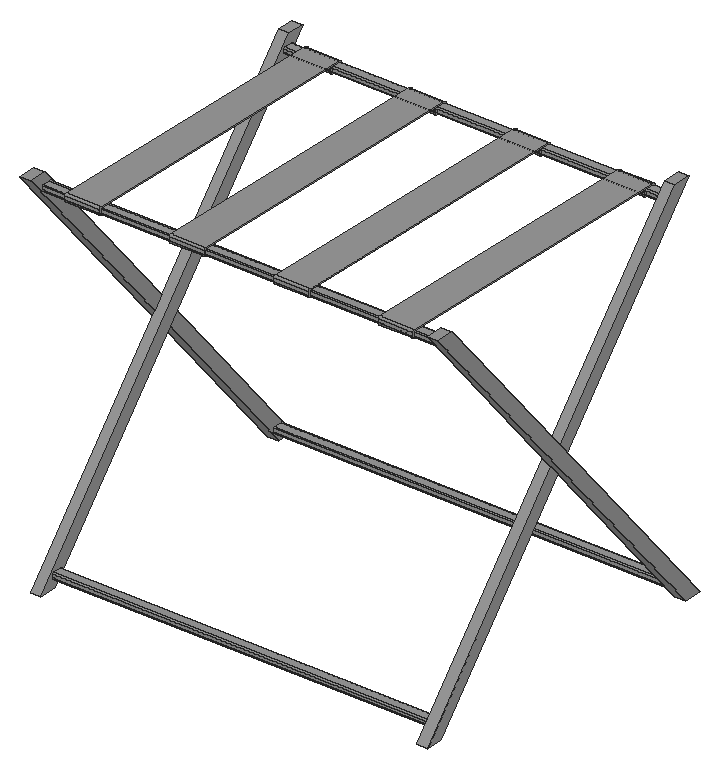
Revit family "DLRK0005", category Generic Models, Revit 2017
Family settings
  Can host rebar = No
  Round Connector Dimension = Use Diameter
  Part Type = Normal
  Work Plane-Based = No
  Always vertical = Yes
  Cut with Voids When Loaded = No
  Shared = No
  Room Calculation Point = No
Parameters
  Website = "https://dolphy.in/"  # constant formula
  Model = ""
  Contact number = "+91 9520202035"  # constant formula
  Contact email = "info@dolphy.in"  # constant formula
  Company name = "Dolphy India"  # constant formula
Reference planes
  plane 1 "Center (Front/Back)": y = 0
  plane 2: z = 0
  plane 3 "Center (Left/Right)": x = 0
Forms (mm)
  Extrusion 1, solid, material "rOD"
    sketch origin (-277.5, 0, 0) x (0, -1, 0) y (0, 0, -1)
      loop
        line (235, 0) -> (210, 0) -> (-235, -530) -> (-210, -530) -> (235, 0)
    from 7.5 to -7.5
  Extrusion 2, solid, material "rOD"
    sketch origin (-292.5, 0, 0) x (0, 1, 0) y (0, 0, 1)
      loop
        line (235, 0) -> (-210, 530) -> (-235, 530) -> (210, 0) -> (235, 0)
    from 7.5 to -7.5
  Extrusion 3, solid, material "rOD"
    sketch origin (277.5, 0, 0) x (0, -1, 0) y (0, 0, 1)
      loop
        line (235, 0) -> (-210, 530) -> (-235, 530) -> (210, 0) -> (235, 0)
    from 7.5 to -7.5
  Extrusion 4, solid, material "rOD"
    sketch origin (292.5, 0, 0) x (0, 1, 0) y (0, 0, -1)
      loop
        line (235, 0) -> (210, 0) -> (-235, -530) -> (-210, -530) -> (235, 0)
    from 7.5 to -7.5
  Extrusion 5, solid, material "rOD"
    sketch origin (0, 0, 0) x (0, 1, 0) y (0, 0, 1)
      loop
        line (213.586, 515.817) -> (201.624, 515.817)
        spline (201.624, 515.817) -> (201.368, 515.807) -> (201.133, 515.776) -> (200.921, 515.724) -> (200.731, 515.651) -> (200.563, 515.558) -> (200.418, 515.443) -> (200.295, 515.308) -> (200.194, 515.152) -> (200.116, 514.976) -> (200.06, 514.778) -> (200.027, 514.56) -> (200.016, 514.321)
        line (200.016, 514.321) -> (200.016, 509.321)
        spline (200.016, 509.321) -> (200.027, 509.081) -> (200.06, 508.862) -> (200.116, 508.663) -> (200.194, 508.486) -> (200.295, 508.329) -> (200.418, 508.193) -> (200.563, 508.078) -> (200.731, 507.984) -> (200.921, 507.911) -> (201.133, 507.859) -> (201.368, 507.828) -> (201.624, 507.817)
        line (201.624, 507.817) -> (213.586, 507.817)
        spline (213.586, 507.817) -> (213.815, 507.828) -> (214.023, 507.859) -> (214.212, 507.911) -> (214.38, 507.984) -> (214.529, 508.078) -> (214.658, 508.193) -> (214.767, 508.329) -> (214.857, 508.486) -> (214.926, 508.663) -> (214.976, 508.862) -> (215.006, 509.081) -> (215.016, 509.321)
        line (215.016, 509.321) -> (215.016, 514.321)
        spline (215.016, 514.321) -> (215.006, 514.56) -> (214.976, 514.778) -> (214.926, 514.976) -> (214.857, 515.152) -> (214.767, 515.308) -> (214.658, 515.443) -> (214.529, 515.558) -> (214.38, 515.651) -> (214.212, 515.724) -> (214.023, 515.776) -> (213.815, 515.807) -> (213.586, 515.817)
    from -270 to 270
  Extrusion 6, solid, material "rOD"
    sketch origin (0, 0, 0) x (0, -1, 0) y (0, 0, -1)
      loop
        spline (213.586, -515.817) -> (213.815, -515.807) -> (214.023, -515.776) -> (214.212, -515.724) -> (214.38, -515.651) -> (214.529, -515.558) -> (214.658, -515.443) -> (214.767, -515.308) -> (214.857, -515.152) -> (214.926, -514.976) -> (214.976, -514.778) -> (215.006, -514.56) -> (215.016, -514.321)
        line (215.016, -514.321) -> (215.016, -509.321)
        spline (215.016, -509.321) -> (215.006, -509.081) -> (214.976, -508.862) -> (214.926, -508.663) -> (214.857, -508.486) -> (214.767, -508.329) -> (214.658, -508.193) -> (214.529, -508.078) -> (214.38, -507.984) -> (214.212, -507.911) -> (214.023, -507.859) -> (213.815, -507.828) -> (213.586, -507.817)
        line (213.586, -507.817) -> (201.624, -507.817)
        spline (201.624, -507.817) -> (201.368, -507.828) -> (201.133, -507.859) -> (200.921, -507.911) -> (200.731, -507.984) -> (200.563, -508.078) -> (200.418, -508.193) -> (200.295, -508.329) -> (200.194, -508.486) -> (200.116, -508.663) -> (200.06, -508.862) -> (200.027, -509.081) -> (200.016, -509.321)
        line (200.016, -509.321) -> (200.016, -514.321)
        spline (200.016, -514.321) -> (200.027, -514.56) -> (200.06, -514.778) -> (200.116, -514.976) -> (200.194, -515.152) -> (200.295, -515.308) -> (200.418, -515.443) -> (200.563, -515.558) -> (200.731, -515.651) -> (200.921, -515.724) -> (201.133, -515.776) -> (201.368, -515.807) -> (201.624, -515.817)
        line (201.624, -515.817) -> (213.586, -515.817)
    from -285 to 285
  Extrusion 7, solid, material "rOD"
    sketch origin (0, 0, 530) x (0, 1, 0) y (0, 0, 1)
      loop
        spline (213.586, -515.817) -> (213.815, -515.807) -> (214.023, -515.776) -> (214.212, -515.724) -> (214.38, -515.651) -> (214.529, -515.558) -> (214.658, -515.443) -> (214.767, -515.308) -> (214.857, -515.152) -> (214.926, -514.976) -> (214.976, -514.778) -> (215.006, -514.56) -> (215.016, -514.321)
        line (215.016, -514.321) -> (215.016, -509.321)
        spline (215.016, -509.321) -> (215.006, -509.081) -> (214.976, -508.862) -> (214.926, -508.663) -> (214.857, -508.486) -> (214.767, -508.329) -> (214.658, -508.193) -> (214.529, -508.078) -> (214.38, -507.984) -> (214.212, -507.911) -> (214.023, -507.859) -> (213.815, -507.828) -> (213.586, -507.817)
        line (213.586, -507.817) -> (201.624, -507.817)
        spline (201.624, -507.817) -> (201.368, -507.828) -> (201.133, -507.859) -> (200.921, -507.911) -> (200.731, -507.984) -> (200.563, -508.078) -> (200.418, -508.193) -> (200.295, -508.329) -> (200.194, -508.486) -> (200.116, -508.663) -> (200.06, -508.862) -> (200.027, -509.081) -> (200.016, -509.321)
        line (200.016, -509.321) -> (200.016, -514.321)
        spline (200.016, -514.321) -> (200.027, -514.56) -> (200.06, -514.778) -> (200.116, -514.976) -> (200.194, -515.152) -> (200.295, -515.308) -> (200.418, -515.443) -> (200.563, -515.558) -> (200.731, -515.651) -> (200.921, -515.724) -> (201.133, -515.776) -> (201.368, -515.807) -> (201.624, -515.817)
        line (201.624, -515.817) -> (213.586, -515.817)
    from -285 to 285
  Extrusion 8, solid, material "rOD"
    sketch origin (0, 0, 530) x (0, -1, 0) y (0, 0, -1)
      loop
        line (213.586, 515.817) -> (201.624, 515.817)
        spline (201.624, 515.817) -> (201.368, 515.807) -> (201.133, 515.776) -> (200.921, 515.724) -> (200.731, 515.651) -> (200.563, 515.558) -> (200.418, 515.443) -> (200.295, 515.308) -> (200.194, 515.152) -> (200.116, 514.976) -> (200.06, 514.778) -> (200.027, 514.56) -> (200.016, 514.321)
        line (200.016, 514.321) -> (200.016, 509.321)
        spline (200.016, 509.321) -> (200.027, 509.081) -> (200.06, 508.862) -> (200.116, 508.663) -> (200.194, 508.486) -> (200.295, 508.329) -> (200.418, 508.193) -> (200.563, 508.078) -> (200.731, 507.984) -> (200.921, 507.911) -> (201.133, 507.859) -> (201.368, 507.828) -> (201.624, 507.817)
        line (201.624, 507.817) -> (213.586, 507.817)
        spline (213.586, 507.817) -> (213.815, 507.828) -> (214.023, 507.859) -> (214.212, 507.911) -> (214.38, 507.984) -> (214.529, 508.078) -> (214.658, 508.193) -> (214.767, 508.329) -> (214.857, 508.486) -> (214.926, 508.663) -> (214.976, 508.862) -> (215.006, 509.081) -> (215.016, 509.321)
        line (215.016, 509.321) -> (215.016, 514.321)
        spline (215.016, 514.321) -> (215.006, 514.56) -> (214.976, 514.778) -> (214.926, 514.976) -> (214.857, 515.152) -> (214.767, 515.308) -> (214.658, 515.443) -> (214.529, 515.558) -> (214.38, 515.651) -> (214.212, 515.724) -> (214.023, 515.776) -> (213.815, 515.807) -> (213.586, 515.817)
    from -270 to 270
  Extrusion 9, solid, material "Strap"
    sketch origin (0, 0, 0) x (0, 1, 0) y (0, 0, 1)
      loop
        spline (201.624, 507.817) -> (201.368, 507.828) -> (201.133, 507.859) -> (200.921, 507.911) -> (200.731, 507.984) -> (200.563, 508.078) -> (200.418, 508.193) -> (200.295, 508.329) -> (200.194, 508.486) -> (200.116, 508.663) -> (200.06, 508.862) -> (200.027, 509.081) -> (200.016, 509.321)
        line (200.016, 509.321) -> (200.016, 512.646) -> (198.516, 512.646) -> (198.516, 509.321)
        spline (198.516, 509.321) -> (198.534, 508.936) -> (198.593, 508.548) -> (198.703, 508.159) -> (198.872, 507.778) -> (199.103, 507.418) -> (199.394, 507.097) -> (199.73, 506.831) -> (200.095, 506.626) -> (200.474, 506.479) -> (200.857, 506.385) -> (201.241, 506.333) -> (201.624, 506.317)
        line (201.624, 506.317) -> (213.586, 506.317)
        spline (213.586, 506.317) -> (213.958, 506.335) -> (214.332, 506.391) -> (214.708, 506.496) -> (215.079, 506.657) -> (215.43, 506.88) -> (215.746, 507.16) -> (216.008, 507.487) -> (216.212, 507.842) -> (216.356, 508.21) -> (216.45, 508.582) -> (216.5, 508.952) -> (216.516, 509.321)
        line (216.516, 509.321) -> (216.516, 514.321)
        spline (216.516, 514.321) -> (216.5, 514.69) -> (216.449, 515.06) -> (216.356, 515.431) -> (216.21, 515.799) -> (216.006, 516.154) -> (215.743, 516.479) -> (215.428, 516.759) -> (215.076, 516.98) -> (214.706, 517.14) -> (214.331, 517.244) -> (213.957, 517.3) -> (213.586, 517.317)
        line (213.586, 517.317) -> (-213.586, 517.317)
        spline (-213.586, 517.317) -> (-213.957, 517.3) -> (-214.331, 517.244) -> (-214.706, 517.14) -> (-215.076, 516.98) -> (-215.428, 516.759) -> (-215.743, 516.479) -> (-216.006, 516.154) -> (-216.21, 515.799) -> (-216.356, 515.431) -> (-216.449, 515.06) -> (-216.5, 514.69) -> (-216.516, 514.321)
        line (-216.516, 514.321) -> (-216.516, 509.321)
        spline (-216.516, 509.321) -> (-216.5, 508.952) -> (-216.45, 508.582) -> (-216.356, 508.21) -> (-216.212, 507.842) -> (-216.008, 507.487) -> (-215.746, 507.16) -> (-215.43, 506.88) -> (-215.079, 506.657) -> (-214.708, 506.496) -> (-214.332, 506.391) -> (-213.958, 506.335) -> (-213.586, 506.317)
        line (-213.586, 506.317) -> (-201.624, 506.317)
        spline (-201.624, 506.317) -> (-201.241, 506.333) -> (-200.857, 506.385) -> (-200.474, 506.479) -> (-200.095, 506.626) -> (-199.73, 506.831) -> (-199.394, 507.097) -> (-199.103, 507.418) -> (-198.872, 507.778) -> (-198.703, 508.159) -> (-198.593, 508.548) -> (-198.534, 508.936) -> (-198.516, 509.321)
        line (-198.516, 509.321) -> (-198.516, 512.514) -> (-200.016, 512.514) -> (-200.016, 509.321)
        spline (-200.016, 509.321) -> (-200.027, 509.081) -> (-200.06, 508.862) -> (-200.116, 508.663) -> (-200.194, 508.486) -> (-200.295, 508.329) -> (-200.418, 508.193) -> (-200.563, 508.078) -> (-200.731, 507.984) -> (-200.921, 507.911) -> (-201.133, 507.859) -> (-201.368, 507.828) -> (-201.624, 507.817)
        line (-201.624, 507.817) -> (-213.586, 507.817)
        spline (-213.586, 507.817) -> (-213.815, 507.828) -> (-214.023, 507.859) -> (-214.212, 507.911) -> (-214.38, 507.984) -> (-214.529, 508.078) -> (-214.658, 508.193) -> (-214.767, 508.329) -> (-214.857, 508.486) -> (-214.926, 508.663) -> (-214.976, 508.862) -> (-215.006, 509.081) -> (-215.016, 509.321)
        line (-215.016, 509.321) -> (-215.016, 514.321)
        spline (-215.016, 514.321) -> (-215.006, 514.56) -> (-214.976, 514.778) -> (-214.926, 514.976) -> (-214.857, 515.152) -> (-214.767, 515.308) -> (-214.658, 515.443) -> (-214.529, 515.558) -> (-214.38, 515.651) -> (-214.212, 515.724) -> (-214.023, 515.776) -> (-213.815, 515.807) -> (-213.586, 515.817)
        line (-213.586, 515.817) -> (213.586, 515.817)
        spline (213.586, 515.817) -> (213.815, 515.807) -> (214.023, 515.776) -> (214.212, 515.724) -> (214.38, 515.651) -> (214.529, 515.558) -> (214.658, 515.443) -> (214.767, 515.308) -> (214.857, 515.152) -> (214.926, 514.976) -> (214.976, 514.778) -> (215.006, 514.56) -> (215.016, 514.321)
        line (215.016, 514.321) -> (215.016, 509.321)
        spline (215.016, 509.321) -> (215.006, 509.081) -> (214.976, 508.862) -> (214.926, 508.663) -> (214.857, 508.486) -> (214.767, 508.329) -> (214.658, 508.193) -> (214.529, 508.078) -> (214.38, 507.984) -> (214.212, 507.911) -> (214.023, 507.859) -> (213.815, 507.828) -> (213.586, 507.817)
        line (213.586, 507.817) -> (201.624, 507.817)
    from 200 to 250
  Extrusion 10, solid, material "Strap"
    sketch origin (0, 0, 0) x (0, 1, 0) y (0, 0, -1)
      loop
        line (201.624, -507.817) -> (213.586, -507.817)
        spline (213.586, -507.817) -> (213.815, -507.828) -> (214.023, -507.859) -> (214.212, -507.911) -> (214.38, -507.984) -> (214.529, -508.078) -> (214.658, -508.193) -> (214.767, -508.329) -> (214.857, -508.486) -> (214.926, -508.663) -> (214.976, -508.862) -> (215.006, -509.081) -> (215.016, -509.321)
        line (215.016, -509.321) -> (215.016, -514.321)
        spline (215.016, -514.321) -> (215.006, -514.56) -> (214.976, -514.778) -> (214.926, -514.976) -> (214.857, -515.152) -> (214.767, -515.308) -> (214.658, -515.443) -> (214.529, -515.558) -> (214.38, -515.651) -> (214.212, -515.724) -> (214.023, -515.776) -> (213.815, -515.807) -> (213.586, -515.817)
        line (213.586, -515.817) -> (-213.586, -515.817)
        spline (-213.586, -515.817) -> (-213.815, -515.807) -> (-214.023, -515.776) -> (-214.212, -515.724) -> (-214.38, -515.651) -> (-214.529, -515.558) -> (-214.658, -515.443) -> (-214.767, -515.308) -> (-214.857, -515.152) -> (-214.926, -514.976) -> (-214.976, -514.778) -> (-215.006, -514.56) -> (-215.016, -514.321)
        line (-215.016, -514.321) -> (-215.016, -509.321)
        spline (-215.016, -509.321) -> (-215.006, -509.081) -> (-214.976, -508.862) -> (-214.926, -508.663) -> (-214.857, -508.486) -> (-214.767, -508.329) -> (-214.658, -508.193) -> (-214.529, -508.078) -> (-214.38, -507.984) -> (-214.212, -507.911) -> (-214.023, -507.859) -> (-213.815, -507.828) -> (-213.586, -507.817)
        line (-213.586, -507.817) -> (-201.624, -507.817)
        spline (-201.624, -507.817) -> (-201.368, -507.828) -> (-201.133, -507.859) -> (-200.921, -507.911) -> (-200.731, -507.984) -> (-200.563, -508.078) -> (-200.418, -508.193) -> (-200.295, -508.329) -> (-200.194, -508.486) -> (-200.116, -508.663) -> (-200.06, -508.862) -> (-200.027, -509.081) -> (-200.016, -509.321)
        line (-200.016, -509.321) -> (-200.016, -512.514) -> (-198.516, -512.514) -> (-198.516, -509.321)
        spline (-198.516, -509.321) -> (-198.534, -508.936) -> (-198.593, -508.548) -> (-198.703, -508.159) -> (-198.872, -507.778) -> (-199.103, -507.418) -> (-199.394, -507.097) -> (-199.73, -506.831) -> (-200.095, -506.626) -> (-200.474, -506.479) -> (-200.857, -506.385) -> (-201.241, -506.333) -> (-201.624, -506.317)
        line (-201.624, -506.317) -> (-213.586, -506.317)
        spline (-213.586, -506.317) -> (-213.958, -506.335) -> (-214.332, -506.391) -> (-214.708, -506.496) -> (-215.079, -506.657) -> (-215.43, -506.88) -> (-215.746, -507.16) -> (-216.008, -507.487) -> (-216.212, -507.842) -> (-216.356, -508.21) -> (-216.45, -508.582) -> (-216.5, -508.952) -> (-216.516, -509.321)
        line (-216.516, -509.321) -> (-216.516, -514.321)
        spline (-216.516, -514.321) -> (-216.5, -514.69) -> (-216.449, -515.06) -> (-216.356, -515.431) -> (-216.21, -515.799) -> (-216.006, -516.154) -> (-215.743, -516.479) -> (-215.428, -516.759) -> (-215.076, -516.98) -> (-214.706, -517.14) -> (-214.331, -517.244) -> (-213.957, -517.3) -> (-213.586, -517.317)
        line (-213.586, -517.317) -> (213.586, -517.317)
        spline (213.586, -517.317) -> (213.957, -517.3) -> (214.331, -517.244) -> (214.706, -517.14) -> (215.076, -516.98) -> (215.428, -516.759) -> (215.743, -516.479) -> (216.006, -516.154) -> (216.21, -515.799) -> (216.356, -515.431) -> (216.449, -515.06) -> (216.5, -514.69) -> (216.516, -514.321)
        line (216.516, -514.321) -> (216.516, -509.321)
        spline (216.516, -509.321) -> (216.5, -508.952) -> (216.45, -508.582) -> (216.356, -508.21) -> (216.212, -507.842) -> (216.008, -507.487) -> (215.746, -507.16) -> (215.43, -506.88) -> (215.079, -506.657) -> (214.708, -506.496) -> (214.332, -506.391) -> (213.958, -506.335) -> (213.586, -506.317)
        line (213.586, -506.317) -> (201.624, -506.317)
        spline (201.624, -506.317) -> (201.241, -506.333) -> (200.857, -506.385) -> (200.474, -506.479) -> (200.095, -506.626) -> (199.73, -506.831) -> (199.394, -507.097) -> (199.103, -507.418) -> (198.872, -507.778) -> (198.703, -508.159) -> (198.593, -508.548) -> (198.534, -508.936) -> (198.516, -509.321)
        line (198.516, -509.321) -> (198.516, -512.646) -> (200.016, -512.646) -> (200.016, -509.321)
        spline (200.016, -509.321) -> (200.027, -509.081) -> (200.06, -508.862) -> (200.116, -508.663) -> (200.194, -508.486) -> (200.295, -508.329) -> (200.418, -508.193) -> (200.563, -508.078) -> (200.731, -507.984) -> (200.921, -507.911) -> (201.133, -507.859) -> (201.368, -507.828) -> (201.624, -507.817)
    from 200 to 250
  Extrusion 11, solid, material "Strap"
    sketch origin (-150, 0, 0) x (0, 1, 0) y (0, 0, 1)
      loop
        spline (201.624, 507.817) -> (201.368, 507.828) -> (201.133, 507.859) -> (200.921, 507.911) -> (200.731, 507.984) -> (200.563, 508.078) -> (200.418, 508.193) -> (200.295, 508.329) -> (200.194, 508.486) -> (200.116, 508.663) -> (200.06, 508.862) -> (200.027, 509.081) -> (200.016, 509.321)
        line (200.016, 509.321) -> (200.016, 512.646) -> (198.516, 512.646) -> (198.516, 509.321)
        spline (198.516, 509.321) -> (198.534, 508.936) -> (198.593, 508.548) -> (198.703, 508.159) -> (198.872, 507.778) -> (199.103, 507.418) -> (199.394, 507.097) -> (199.73, 506.831) -> (200.095, 506.626) -> (200.474, 506.479) -> (200.857, 506.385) -> (201.241, 506.333) -> (201.624, 506.317)
        line (201.624, 506.317) -> (213.586, 506.317)
        spline (213.586, 506.317) -> (213.958, 506.335) -> (214.332, 506.391) -> (214.708, 506.496) -> (215.079, 506.657) -> (215.43, 506.88) -> (215.746, 507.16) -> (216.008, 507.487) -> (216.212, 507.842) -> (216.356, 508.21) -> (216.45, 508.582) -> (216.5, 508.952) -> (216.516, 509.321)
        line (216.516, 509.321) -> (216.516, 514.321)
        spline (216.516, 514.321) -> (216.5, 514.69) -> (216.449, 515.06) -> (216.356, 515.431) -> (216.21, 515.799) -> (216.006, 516.154) -> (215.743, 516.479) -> (215.428, 516.759) -> (215.076, 516.98) -> (214.706, 517.14) -> (214.331, 517.244) -> (213.957, 517.3) -> (213.586, 517.317)
        line (213.586, 517.317) -> (-213.586, 517.317)
        spline (-213.586, 517.317) -> (-213.957, 517.3) -> (-214.331, 517.244) -> (-214.706, 517.14) -> (-215.076, 516.98) -> (-215.428, 516.759) -> (-215.743, 516.479) -> (-216.006, 516.154) -> (-216.21, 515.799) -> (-216.356, 515.431) -> (-216.449, 515.06) -> (-216.5, 514.69) -> (-216.516, 514.321)
        line (-216.516, 514.321) -> (-216.516, 509.321)
        spline (-216.516, 509.321) -> (-216.5, 508.952) -> (-216.45, 508.582) -> (-216.356, 508.21) -> (-216.212, 507.842) -> (-216.008, 507.487) -> (-215.746, 507.16) -> (-215.43, 506.88) -> (-215.079, 506.657) -> (-214.708, 506.496) -> (-214.332, 506.391) -> (-213.958, 506.335) -> (-213.586, 506.317)
        line (-213.586, 506.317) -> (-201.624, 506.317)
        spline (-201.624, 506.317) -> (-201.241, 506.333) -> (-200.857, 506.385) -> (-200.474, 506.479) -> (-200.095, 506.626) -> (-199.73, 506.831) -> (-199.394, 507.097) -> (-199.103, 507.418) -> (-198.872, 507.778) -> (-198.703, 508.159) -> (-198.593, 508.548) -> (-198.534, 508.936) -> (-198.516, 509.321)
        line (-198.516, 509.321) -> (-198.516, 512.514) -> (-200.016, 512.514) -> (-200.016, 509.321)
        spline (-200.016, 509.321) -> (-200.027, 509.081) -> (-200.06, 508.862) -> (-200.116, 508.663) -> (-200.194, 508.486) -> (-200.295, 508.329) -> (-200.418, 508.193) -> (-200.563, 508.078) -> (-200.731, 507.984) -> (-200.921, 507.911) -> (-201.133, 507.859) -> (-201.368, 507.828) -> (-201.624, 507.817)
        line (-201.624, 507.817) -> (-213.586, 507.817)
        spline (-213.586, 507.817) -> (-213.815, 507.828) -> (-214.023, 507.859) -> (-214.212, 507.911) -> (-214.38, 507.984) -> (-214.529, 508.078) -> (-214.658, 508.193) -> (-214.767, 508.329) -> (-214.857, 508.486) -> (-214.926, 508.663) -> (-214.976, 508.862) -> (-215.006, 509.081) -> (-215.016, 509.321)
        line (-215.016, 509.321) -> (-215.016, 514.321)
        spline (-215.016, 514.321) -> (-215.006, 514.56) -> (-214.976, 514.778) -> (-214.926, 514.976) -> (-214.857, 515.152) -> (-214.767, 515.308) -> (-214.658, 515.443) -> (-214.529, 515.558) -> (-214.38, 515.651) -> (-214.212, 515.724) -> (-214.023, 515.776) -> (-213.815, 515.807) -> (-213.586, 515.817)
        line (-213.586, 515.817) -> (213.586, 515.817)
        spline (213.586, 515.817) -> (213.815, 515.807) -> (214.023, 515.776) -> (214.212, 515.724) -> (214.38, 515.651) -> (214.529, 515.558) -> (214.658, 515.443) -> (214.767, 515.308) -> (214.857, 515.152) -> (214.926, 514.976) -> (214.976, 514.778) -> (215.006, 514.56) -> (215.016, 514.321)
        line (215.016, 514.321) -> (215.016, 509.321)
        spline (215.016, 509.321) -> (215.006, 509.081) -> (214.976, 508.862) -> (214.926, 508.663) -> (214.857, 508.486) -> (214.767, 508.329) -> (214.658, 508.193) -> (214.529, 508.078) -> (214.38, 507.984) -> (214.212, 507.911) -> (214.023, 507.859) -> (213.815, 507.828) -> (213.586, 507.817)
        line (213.586, 507.817) -> (201.624, 507.817)
    from 200 to 250
  Extrusion 12, solid, material "Strap"
    sketch origin (150, 0, 0) x (0, 1, 0) y (0, 0, -1)
      loop
        line (201.624, -507.817) -> (213.586, -507.817)
        spline (213.586, -507.817) -> (213.815, -507.828) -> (214.023, -507.859) -> (214.212, -507.911) -> (214.38, -507.984) -> (214.529, -508.078) -> (214.658, -508.193) -> (214.767, -508.329) -> (214.857, -508.486) -> (214.926, -508.663) -> (214.976, -508.862) -> (215.006, -509.081) -> (215.016, -509.321)
        line (215.016, -509.321) -> (215.016, -514.321)
        spline (215.016, -514.321) -> (215.006, -514.56) -> (214.976, -514.778) -> (214.926, -514.976) -> (214.857, -515.152) -> (214.767, -515.308) -> (214.658, -515.443) -> (214.529, -515.558) -> (214.38, -515.651) -> (214.212, -515.724) -> (214.023, -515.776) -> (213.815, -515.807) -> (213.586, -515.817)
        line (213.586, -515.817) -> (-213.586, -515.817)
        spline (-213.586, -515.817) -> (-213.815, -515.807) -> (-214.023, -515.776) -> (-214.212, -515.724) -> (-214.38, -515.651) -> (-214.529, -515.558) -> (-214.658, -515.443) -> (-214.767, -515.308) -> (-214.857, -515.152) -> (-214.926, -514.976) -> (-214.976, -514.778) -> (-215.006, -514.56) -> (-215.016, -514.321)
        line (-215.016, -514.321) -> (-215.016, -509.321)
        spline (-215.016, -509.321) -> (-215.006, -509.081) -> (-214.976, -508.862) -> (-214.926, -508.663) -> (-214.857, -508.486) -> (-214.767, -508.329) -> (-214.658, -508.193) -> (-214.529, -508.078) -> (-214.38, -507.984) -> (-214.212, -507.911) -> (-214.023, -507.859) -> (-213.815, -507.828) -> (-213.586, -507.817)
        line (-213.586, -507.817) -> (-201.624, -507.817)
        spline (-201.624, -507.817) -> (-201.368, -507.828) -> (-201.133, -507.859) -> (-200.921, -507.911) -> (-200.731, -507.984) -> (-200.563, -508.078) -> (-200.418, -508.193) -> (-200.295, -508.329) -> (-200.194, -508.486) -> (-200.116, -508.663) -> (-200.06, -508.862) -> (-200.027, -509.081) -> (-200.016, -509.321)
        line (-200.016, -509.321) -> (-200.016, -512.514) -> (-198.516, -512.514) -> (-198.516, -509.321)
        spline (-198.516, -509.321) -> (-198.534, -508.936) -> (-198.593, -508.548) -> (-198.703, -508.159) -> (-198.872, -507.778) -> (-199.103, -507.418) -> (-199.394, -507.097) -> (-199.73, -506.831) -> (-200.095, -506.626) -> (-200.474, -506.479) -> (-200.857, -506.385) -> (-201.241, -506.333) -> (-201.624, -506.317)
        line (-201.624, -506.317) -> (-213.586, -506.317)
        spline (-213.586, -506.317) -> (-213.958, -506.335) -> (-214.332, -506.391) -> (-214.708, -506.496) -> (-215.079, -506.657) -> (-215.43, -506.88) -> (-215.746, -507.16) -> (-216.008, -507.487) -> (-216.212, -507.842) -> (-216.356, -508.21) -> (-216.45, -508.582) -> (-216.5, -508.952) -> (-216.516, -509.321)
        line (-216.516, -509.321) -> (-216.516, -514.321)
        spline (-216.516, -514.321) -> (-216.5, -514.69) -> (-216.449, -515.06) -> (-216.356, -515.431) -> (-216.21, -515.799) -> (-216.006, -516.154) -> (-215.743, -516.479) -> (-215.428, -516.759) -> (-215.076, -516.98) -> (-214.706, -517.14) -> (-214.331, -517.244) -> (-213.957, -517.3) -> (-213.586, -517.317)
        line (-213.586, -517.317) -> (213.586, -517.317)
        spline (213.586, -517.317) -> (213.957, -517.3) -> (214.331, -517.244) -> (214.706, -517.14) -> (215.076, -516.98) -> (215.428, -516.759) -> (215.743, -516.479) -> (216.006, -516.154) -> (216.21, -515.799) -> (216.356, -515.431) -> (216.449, -515.06) -> (216.5, -514.69) -> (216.516, -514.321)
        line (216.516, -514.321) -> (216.516, -509.321)
        spline (216.516, -509.321) -> (216.5, -508.952) -> (216.45, -508.582) -> (216.356, -508.21) -> (216.212, -507.842) -> (216.008, -507.487) -> (215.746, -507.16) -> (215.43, -506.88) -> (215.079, -506.657) -> (214.708, -506.496) -> (214.332, -506.391) -> (213.958, -506.335) -> (213.586, -506.317)
        line (213.586, -506.317) -> (201.624, -506.317)
        spline (201.624, -506.317) -> (201.241, -506.333) -> (200.857, -506.385) -> (200.474, -506.479) -> (200.095, -506.626) -> (199.73, -506.831) -> (199.394, -507.097) -> (199.103, -507.418) -> (198.872, -507.778) -> (198.703, -508.159) -> (198.593, -508.548) -> (198.534, -508.936) -> (198.516, -509.321)
        line (198.516, -509.321) -> (198.516, -512.646) -> (200.016, -512.646) -> (200.016, -509.321)
        spline (200.016, -509.321) -> (200.027, -509.081) -> (200.06, -508.862) -> (200.116, -508.663) -> (200.194, -508.486) -> (200.295, -508.329) -> (200.418, -508.193) -> (200.563, -508.078) -> (200.731, -507.984) -> (200.921, -507.911) -> (201.133, -507.859) -> (201.368, -507.828) -> (201.624, -507.817)
    from 200 to 250
Cuts and joins
  joined: Extrusion 1, Extrusion 2, Extrusion 3, Extrusion 4, Extrusion 5, Extrusion 6, Extrusion 7, Extrusion 8
  joined: Extrusion 9, Extrusion 10, Extrusion 11, Extrusion 12
Dimensions and locks
  aligned and locked: level to plane 2
Automatic sketch dimensions
  Extrusion 1 sketch curve to level = 0 mm
  Extrusion 1 sketch curve to plane 1 "Center (Front/Back)" = 235 mm
  Extrusion 1 sketch curve to Extrusion 1 sketch curve = 25 mm  (x2)
  plane 1 "Center (Front/Back)" to Extrusion 1 sketch curve = 210 mm
  level to Extrusion 1 sketch curve = 530 mm
  Extrusion 2 sketch curve to level = 0 mm
  plane 1 "Center (Front/Back)" to Extrusion 2 sketch curve = 235 mm
  Extrusion 2 sketch curve to Extrusion 2 sketch curve = 25 mm  (x2)
  Extrusion 2 sketch curve to plane 1 "Center (Front/Back)" = 210 mm
  level to Extrusion 2 sketch curve = 530 mm
  Extrusion 3 sketch curve to level = 0 mm
  Extrusion 3 sketch curve to plane 1 "Center (Front/Back)" = 235 mm
  Extrusion 3 sketch curve to Extrusion 3 sketch curve = 25 mm  (x2)
  plane 1 "Center (Front/Back)" to Extrusion 3 sketch curve = 210 mm
  level to Extrusion 3 sketch curve = 530 mm
  Extrusion 4 sketch curve to level = 0 mm
  plane 1 "Center (Front/Back)" to Extrusion 4 sketch curve = 235 mm
  Extrusion 4 sketch curve to Extrusion 4 sketch curve = 25 mm  (x2)
  Extrusion 4 sketch curve to plane 1 "Center (Front/Back)" = 210 mm
  level to Extrusion 4 sketch curve = 530 mm
  Extrusion 5 sketch curve to plane 1 "Center (Front/Back)" = 200.016 mm
  Extrusion 5 sketch curve to Extrusion 5 sketch curve = 1.609 mm  (x2)
  Extrusion 5 sketch curve to Extrusion 5 sketch curve = 11.962 mm
  Extrusion 5 sketch curve to Extrusion 5 sketch curve = 0 mm
  Extrusion 5 sketch curve to Extrusion 5 sketch curve = 1.429 mm
  level to Extrusion 5 sketch curve = 507.817 mm
  Extrusion 5 sketch curve to Extrusion 5 sketch curve = 1.504 mm  (x2)
  Extrusion 5 sketch curve to Extrusion 5 sketch curve = 5 mm  (x2)
  Extrusion 5 sketch curve to Extrusion 5 sketch curve = 1.496 mm
  Extrusion 6 sketch curve to plane 1 "Center (Front/Back)" = 200.016 mm
  Extrusion 6 sketch curve to Extrusion 6 sketch curve = 1.609 mm  (x2)
  Extrusion 6 sketch curve to Extrusion 6 sketch curve = 11.962 mm
  Extrusion 6 sketch curve to Extrusion 6 sketch curve = 0 mm
  Extrusion 6 sketch curve to Extrusion 6 sketch curve = 1.429 mm
  Extrusion 6 sketch curve to level = 507.817 mm
  Extrusion 6 sketch curve to Extrusion 6 sketch curve = 1.504 mm  (x2)
  Extrusion 6 sketch curve to Extrusion 6 sketch curve = 5 mm  (x2)
  Extrusion 6 sketch curve to Extrusion 6 sketch curve = 1.496 mm
  Extrusion 7 sketch curve to level = 15.679 mm
  plane 1 "Center (Front/Back)" to Extrusion 7 sketch curve = 200.016 mm
  Extrusion 7 sketch curve to level = 14.183 mm
  Extrusion 7 sketch curve to Extrusion 7 sketch curve = 1.609 mm  (x2)
  Extrusion 7 sketch curve to Extrusion 7 sketch curve = 11.962 mm
  Extrusion 7 sketch curve to Extrusion 7 sketch curve = 0 mm
  Extrusion 7 sketch curve to Extrusion 7 sketch curve = 1.429 mm
  Extrusion 7 sketch curve to Extrusion 7 sketch curve = 1.496 mm
  Extrusion 7 sketch curve to Extrusion 7 sketch curve = 5 mm  (x2)
  Extrusion 7 sketch curve to Extrusion 7 sketch curve = 1.504 mm
  level to Extrusion 8 sketch curve = 15.679 mm
  plane 1 "Center (Front/Back)" to Extrusion 8 sketch curve = 200.016 mm
  level to Extrusion 8 sketch curve = 14.183 mm
  Extrusion 8 sketch curve to Extrusion 8 sketch curve = 1.609 mm  (x2)
  Extrusion 8 sketch curve to Extrusion 8 sketch curve = 11.962 mm
  Extrusion 8 sketch curve to Extrusion 8 sketch curve = 0 mm
  Extrusion 8 sketch curve to Extrusion 8 sketch curve = 1.429 mm
  Extrusion 8 sketch curve to Extrusion 8 sketch curve = 1.496 mm
  Extrusion 8 sketch curve to Extrusion 8 sketch curve = 5 mm  (x2)
  Extrusion 8 sketch curve to Extrusion 8 sketch curve = 1.504 mm
  plane 1 "Center (Front/Back)" to Extrusion 9 sketch curve = 216.516 mm
  Extrusion 9 sketch curve to Extrusion 9 sketch curve = 1.5 mm  (x7)
  Extrusion 9 sketch curve to Extrusion 9 sketch curve = 1.429 mm  (x3)
  Extrusion 9 sketch curve to Extrusion 9 sketch curve = 0 mm  (x14)
  Extrusion 9 sketch curve to Extrusion 9 sketch curve = 11.962 mm  (x2)
  Extrusion 9 sketch curve to Extrusion 9 sketch curve = 1.609 mm  (x2)
  Extrusion 9 sketch curve to plane 1 "Center (Front/Back)" = 198.516 mm
  level to Extrusion 9 sketch curve = 506.317 mm
  Extrusion 9 sketch curve to Extrusion 9 sketch curve = 1.504 mm  (x4)
  Extrusion 9 sketch curve to Extrusion 9 sketch curve = 3.193 mm
  Extrusion 9 sketch curve to Extrusion 9 sketch curve = 3.325 mm
  Extrusion 9 sketch curve to Extrusion 9 sketch curve = 5 mm  (x2)
  Extrusion 9 sketch curve to Extrusion 9 sketch curve = 1.496 mm
  plane 1 "Center (Front/Back)" to Extrusion 10 sketch curve = 216.516 mm
  Extrusion 10 sketch curve to Extrusion 10 sketch curve = 1.5 mm  (x7)
  Extrusion 10 sketch curve to Extrusion 10 sketch curve = 1.429 mm  (x3)
  Extrusion 10 sketch curve to Extrusion 10 sketch curve = 0 mm  (x13)
  Extrusion 10 sketch curve to Extrusion 10 sketch curve = 11.962 mm  (x2)
  Extrusion 10 sketch curve to Extrusion 10 sketch curve = 1.609 mm  (x2)
  Extrusion 10 sketch curve to plane 1 "Center (Front/Back)" = 198.516 mm
  level to Extrusion 10 sketch curve = 517.317 mm
  Extrusion 10 sketch curve to Extrusion 10 sketch curve = 1.496 mm  (x2)
  Extrusion 10 sketch curve to Extrusion 10 sketch curve = 3.172 mm
  Extrusion 10 sketch curve to Extrusion 10 sketch curve = 3.303 mm
  Extrusion 10 sketch curve to Extrusion 10 sketch curve = 3.325 mm
  Extrusion 10 sketch curve to Extrusion 10 sketch curve = 3.193 mm
  Extrusion 10 sketch curve to Extrusion 10 sketch curve = 5 mm  (x2)
  Extrusion 10 sketch curve to Extrusion 10 sketch curve = 1.504 mm  (x2)
  plane 1 "Center (Front/Back)" to Extrusion 11 sketch curve = 216.516 mm
  Extrusion 11 sketch curve to Extrusion 11 sketch curve = 1.5 mm  (x7)
  Extrusion 11 sketch curve to Extrusion 11 sketch curve = 1.429 mm  (x3)
  Extrusion 11 sketch curve to Extrusion 11 sketch curve = 0 mm  (x14)
  Extrusion 11 sketch curve to Extrusion 11 sketch curve = 11.962 mm  (x2)
  Extrusion 11 sketch curve to Extrusion 11 sketch curve = 1.609 mm  (x2)
  Extrusion 11 sketch curve to plane 1 "Center (Front/Back)" = 198.516 mm
  level to Extrusion 11 sketch curve = 506.317 mm
  Extrusion 11 sketch curve to Extrusion 11 sketch curve = 1.504 mm  (x4)
  Extrusion 11 sketch curve to Extrusion 11 sketch curve = 3.193 mm
  Extrusion 11 sketch curve to Extrusion 11 sketch curve = 3.325 mm
  Extrusion 11 sketch curve to Extrusion 11 sketch curve = 5 mm  (x2)
  Extrusion 11 sketch curve to Extrusion 11 sketch curve = 1.496 mm
  plane 1 "Center (Front/Back)" to Extrusion 12 sketch curve = 216.516 mm
  Extrusion 12 sketch curve to Extrusion 12 sketch curve = 1.5 mm  (x7)
  Extrusion 12 sketch curve to Extrusion 12 sketch curve = 1.429 mm  (x3)
  Extrusion 12 sketch curve to Extrusion 12 sketch curve = 0 mm  (x13)
  Extrusion 12 sketch curve to Extrusion 12 sketch curve = 11.962 mm  (x2)
  Extrusion 12 sketch curve to Extrusion 12 sketch curve = 1.609 mm  (x2)
  Extrusion 12 sketch curve to plane 1 "Center (Front/Back)" = 198.516 mm
  level to Extrusion 12 sketch curve = 517.317 mm
  Extrusion 12 sketch curve to Extrusion 12 sketch curve = 1.496 mm  (x2)
  Extrusion 12 sketch curve to Extrusion 12 sketch curve = 3.172 mm
  Extrusion 12 sketch curve to Extrusion 12 sketch curve = 3.303 mm
  Extrusion 12 sketch curve to Extrusion 12 sketch curve = 3.325 mm
  Extrusion 12 sketch curve to Extrusion 12 sketch curve = 3.193 mm
  Extrusion 12 sketch curve to Extrusion 12 sketch curve = 5 mm  (x2)
  Extrusion 12 sketch curve to Extrusion 12 sketch curve = 1.504 mm  (x2)
